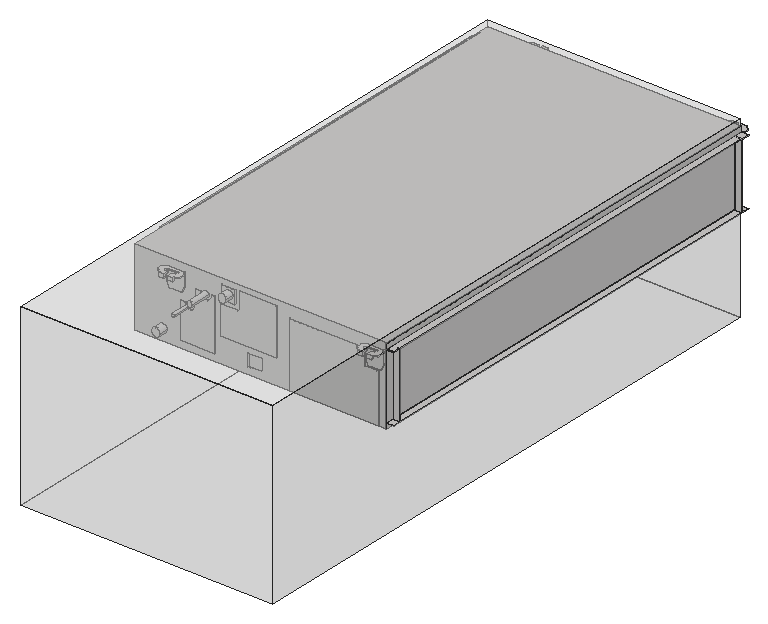
Revit family "outputfile", category 機械設備, Revit 2024
Family settings
  丸型コネクタ寸法 = 半径を使用
  パーツ タイプ = 標準
  OmniClass 番号 = 23.75.10.24.21.27.27
  OmniClass タイトル = Split System Air Conditioning Units
  作業面ベース = いいえ
  常に垂直 = はい
  ロード時にボイドで切り取り = いいえ
  注釈の向きを維持 = いいえ
  共有 = いいえ
  部屋計算ポイント = はい
Parameters (values of type "FBQ100EVE")
  Description = ""
  製造元 = "Daikin"
  書き出し IFC クラス(タイプ) = "IfcUnitaryEquipmentType"
  定義済み IFC タイプ(タイプ) = "AIRCONDITIONINGUNIT"
  Cost = 0
  モデル = "FBQ100EVE"
  Type Comments = ""
  Keynote = ""
  Type Image = (empty or 0)
  Assembly Code = ""
  switch_frequency = yes
  r_Liquid Pipe Size = Liquid Pipe Size / 2  # 4.75 mm
  r_Gas Pipe Size = Gas Pipe Size / 2  # 7.95 mm
  r_Drain Pipe Size = Drain Pipe Size / 2  # 12.5 mm
  lw_power = 770.0 mm  # constant formula
  lh_SA = 138.0 mm  # constant formula
  lw_SA = if(Depth = 550.0 mm, 225.0 mm, if(Depth = 700.0 mm, 300.0 mm, if(Depth = 1000.0 mm, 450.0 mm, if(Depth = 1400.0 mm, 650.0 mm, 725.0 mm))))  # 650.0 mm
  lw_RA = if(Depth = 550.0 mm, 275.0 mm, if(Depth = 700.0 mm, 349.0 mm, if(Depth = 1000.0 mm, 499.0 mm, if(Depth = 1400.0 mm, 699.0 mm, 775.0 mm))))  # 699.0 mm
  lh_power = 60.0 mm + [h***]  # 60.0 mm
  lh_mountinghole1 = lh_mountinghole + [h***]  # 222.0 mm
  lh_RA = 123.0 mm  # constant formula
  ld_power = Depth / 2  # 700.0 mm
  connector_voltage = Voltage_50Hz  # 230 V
  connector_powerinput = [Power Input (Cooling)]  # 2.820 kW
  connector_phase = Phase_50Hz  # 1
  Voltage_comment_60Hz = "220"
  Voltage_comment_50Hz = "220 - 240"
  Voltage_60Hz = 220 V
  Voltage_50Hz = 230 V
  URL = ""
  Supply Air Direction [instance] = yes
  Sound Power Level_H speed (dB) = 0
  Phase_60Hz = 1
  Phase_50Hz = 1
  Minimum External Static Pressure = 0.00 Pa
  Minimum Circuit Amps_60Hz = 0.0 A
  Minimum Circuit Amps_50Hz = 0.0 A
  Maximum Fuse Amps_60Hz = 0.0 A
  Maximum Fuse Amps_50Hz = 0.0 A
  Maximum External Static Pressure = 0.00 Pa
  Material_Casing = DAIKIN_GalvanizedSteel_Casing_indoorunit
  lw_mountinghole = 630.0 mm  # constant formula
  lh_gaspipe = 183.0 mm + [h***]  # 183.0 mm
  lh_mountinghole = 222.0 mm  # constant formula
  lh_liquidpipe = 136.0 mm + [h***]  # 136.0 mm
  lh_drainpipe = 207.0 mm + [h***]  # 207.0 mm
  lh_antena = Height - lh_mountinghole + 1.0 mm  # 24.0 mm
  ld_drainpipe = Depth / 2 + 26.0 mm  # 726.0 mm
  ld_liquidpipe = Depth / 2 + 69.0 mm  # 769.0 mm
  ld_gaspipe = Depth / 2 + 65.0 mm  # 765.0 mm
  ld_mountinghole = Depth + 38.0 mm  # 1438.0 mm
  h*** = 0.0 mm  # constant formula
  lw_liquidpipe = 179.0 mm  # constant formula
  lw_gaspipe = 229.0 mm  # constant formula
  lw_drainpipe = 300.0 mm  # constant formula
  Width = 800.0 mm
  Version = "ver.1.0"
  Unit Type = "Duct"
  Unit Mass Weight = 47.00 kg
  Unit Designation [instance] = ""
  Uniclass2015Version = "Products v1.30"
  Uniclass2015Title = "Split coil room air conditioning units"
  Uniclass2015Code = "Pr_70_65_03_86"
  Total Cooling Capacity [instance] = 0.000 kW
  Sound Pressure Level_M speed (dBA) = 35.5
  Sound Pressure Level_L speed (dBA) = 33
  Sound Pressure Level_H speed (dBA) = 38
  Series = "SkyAir_Fan Coil Unit"
  Sensible Cooling Capacity [instance] = 0.000 kW
  SA Duct Size Width = 1192.0 mm
  SA Duct Size Height = 176.0 mm
  Refrigerant Type = "R410A"
  RA Duct Size Width = 1352.0 mm
  RA Duct Size Height = 208.0 mm
  Power Input (Cooling) = 2.820 kW
  Option Accessory 3 [instance] = ""
  Option Accessory 2 [instance] = ""
  Option Accessory 1 [instance] = ""
  Nominal Cooling Capacity = 10.000 kW
  Minimum Airflow = 1350.00 m³/h
  Median Airflow = 1620.00 m³/h
  Maximum Airflow = 1920.00 m³/h
  Load Classification = HVAC
  Liquid Pipe Size = 9.5 mm
  Link_Nested Family [instance] = ""
  IfcVersion = ""
  IfcExportType = "AIRCONDITIONINGUNIT"
  IfcExportAs = "IfcUnitaryEquipmentType"
  Height = 245.0 mm
  Heat Exchanger Type = "Cross Fin Coil"
  Gas Pipe Size = 15.9 mm
  Frequency_60Hz = 60 Hz
  Frequency_50Hz = 50 Hz
  Fan Type = "Sirocco Fan"
  Fan Drive = "-"
  FCU Tag No. [instance] = ""
  Drain Pipe Size = 25.0 mm
  Design Supply Airflow [instance] = 0.00 m³/h
  Design Return Airflow [instance] = 0.00 m³/h
  Design External Static Pressure [instance] = 0.00 Pa
  Depth = 1400.0 mm
  既定の高さ = 0.0 mm
  Cooling Entering Wet Bulb Temperature [instance] = 0.00 °C
  Cooling Entering Dry Bulb Temperature [instance] = 0.00 °C
  Cooling Ambient Wet Bulb Temperature [instance] = 0.00 °C
  Cooling Ambient Dry Bulb Temperature [instance] = 0.00 °C
  Clearance visibility [instance] = yes
  Clearance Top = 20.0 mm
  Clearance Right = 0.0 mm
  Clearance Rear = 0.0 mm
  Clearance Left = 0.0 mm
  Clearance Front = 450.0 mm
  Clearance Bottom = 300.0 mm
Reference planes
  plane 1 "Center (Front/Back)": y = 0
  plane 2 "h": z = 0
  plane 3 "Center (Left/Right)": x = 0
  plane 4 "Back": y = 700
  plane 5 "Front": y = -700
  plane 6 "Left": x = -400
  plane 7 "Right": x = 400
  plane 8 "Top": z = 0
  plane 9 "Bottom": z = -245
  plane 10: y = -215
  plane 11: y = 700
  plane 12: y = -1150
  plane 13: x = -400
  plane 14: x = 400
  plane 15: z = 20
  plane 16: z = -545
  plane 17: x = -400
  plane 18: x = -399
  plane 19: x = 399
  plane 20: y = 50
  plane 21: y = -1
  plane 22: z = -122
  plane 23: y = -701
  plane 24: z = -109
  plane 25: x = -221
  plane 26: y = -765
  plane 27: z = -62
  plane 28: x = -171
  plane 29: y = -726
  plane 30: z = -38
  plane 31: x = -100
  plane 32: x = -100
  plane 33: x = -221
  plane 34: x = -171
  plane 35: x = 370
  plane 36: x = -266
  plane 37: x = 364
  plane 38: y = -719
  plane 39: y = 719
  plane 40: z = -23
  plane 41: z = -107
  plane 42: y = -769
  plane 43: z = -207
  plane 44: x = -309
  plane 45: y = -726
  plane 46: x = -251
  plane 47: x = -203
  plane 48: x = -144
  plane 49: z = -59
  plane 50: z = -106
  plane 51: z = -221
  plane 52: z = -109
  plane 53: x = -221
  plane 54: z = -62
  plane 55: x = -171
  plane 56: z = -17
  plane 57: z = -59
  plane 58: x = -121
  plane 59: x = -79
  plane 60: x = -125
  plane 61: x = -64
  plane 62: x = 53
  plane 63: z = -164
  plane 64: z = -73
  plane 65: z = -16
  plane 66: x = 93.5
  plane 67: x = 374.5
  plane 68: x = 330
  plane 69: z = -88.5
  plane 70: z = -38
  plane 71: z = -242.5
  plane 72: x = -38.5
  plane 73: x = 6.5
  plane 74: z = -181
  plane 75: z = -221
  plane 76: y = -699
  plane 77: x = -424
  plane 78: x = 424
Forms (mm)
  Extrusion 1, solid, material "DAIKIN_GalvanizedSteel_Casing_indoorunit" <- "Material_Casing"
    sketch origin (0, 0, 0) x (1, 0, 0) y (0, 1, 0)
      loop
        line (-399, 700) -> (-399, -700) -> (399, -700) -> (399, 700) -> (-399, 700)
    from -245 to 0
  Extrusion 2, solid, material "DAIKIN_GalvanizedSteel_Casing_indoorunit" <- "Material_Casing"
    sketch origin (0, 0, 0) x (1, 0, 0) y (0, 0, 1)
      loop
        line (-251, -221) -> (-144, -221) -> (-144, -59) -> (-154.47, -59)
        arc (-154.47, -59) -> (-171, -78.8) -> (-187.53, -59) r 16.8
        line (-187.53, -59) -> (-203, -59) -> (-203, -106) -> (-206.916, -106)
        arc (-206.916, -106) -> (-221, -123.4) -> (-235.084, -106) r 14.4
        line (-235.084, -106) -> (-251, -106) -> (-251, -221)
    from 700 to 701
  Extrusion 3, solid, material "DAIKIN_GalvanizedSteel_Casing_indoorunit" <- "Material_Casing"
    sketch origin (0, 0, 0) x (1, 0, 0) y (0, 0, 1)
      loop
        line (-121, -17) -> (-121, -59) -> (-79, -59) -> (-79, -17) -> (-121, -17)
      loop
        line (-125, -73) -> (-125, -164) -> (53, -164) -> (53, -16) -> (-64, -16) -> (-64, -73) -> (-125, -73)
    from 700 to 701
  Extrusion 4, solid, material "DAIKIN_GalvanizedSteel_Casing_indoorunit" <- "Material_Casing"
    sketch origin (0, 0, 0) x (1, 0, 0) y (0, 0, 1)
      loop
        line (93.5, -38) -> (93.5, -242.5) -> (374.5, -242.5) -> (374.5, -88.5) -> (330, -88.5) -> (330, -38) -> (93.5, -38)
    from 700 to 701
  Extrusion 5, solid, material "DAIKIN_GalvanizedSteel_Casing_indoorunit" <- "Material_Casing"
    sketch origin (0, 0, 0) x (1, 0, 0) y (0, 0, 1)
      loop
        circle (-221, -109) r 4.75
    from 700 to 769
  Extrusion 6, solid, material "DAIKIN_GalvanizedSteel_Casing_indoorunit" <- "Material_Casing"
    sketch origin (0, 0, 0) x (1, 0, 0) y (0, 0, 1)
      loop
        circle (-171, -62) r 7.95
    from 700 to 765
  Extrusion 7, solid, material "DAIKIN_GalvanizedSteel_Casing_indoorunit" <- "Material_Casing"
    sketch origin (0, 0, 0) x (1, 0, 0) y (0, 0, 1)
      loop
        circle (-100, -38) r 12.5
    from 701 to 726
  Extrusion 8, solid, material "DAIKIN_GalvanizedSteel_Casing_indoorunit" <- "Material_Casing"
    sketch origin (0, 0, 0) x (1, 0, 0) y (0, 0, 1)
      loop
        circle (-309, -207) r 13
    from 700 to 726
  Extrusion 9, void
    sketch origin (0, 0, 0) x (1, 0, 0) y (0, 0, 1)
      loop
        line (-38.5, -181) -> (-38.5, -221) -> (6.5, -221) -> (6.5, -181) -> (-38.5, -181)
    from 699 to 700
Cuts and joins
  Extrusion 9 cuts Extrusion 1
Dimensions and locks
  "Height": plane 8 "Top" to plane 9 "Bottom"
  equal spacing: plane 4 "Back", plane 1 "Center (Front/Back)", plane 5 "Front"
  "Depth": plane 4 "Back" to plane 5 "Front"
  equal spacing: plane 6 "Left", plane 3 "Center (Left/Right)", plane 7 "Right"
  "Width": plane 6 "Left" to plane 7 "Right"
  "Clearance Left": plane 13 to plane 6 "Left"
  "Clearance Right": plane 7 "Right" to plane 14
  "Clearance Rear": plane 11 to plane 4 "Back"
  "Clearance Front": plane 5 "Front" to plane 12
  "Clearance Top": plane 15 to plane 8 "Top"
  "Clearance Bottom": plane 9 "Bottom" to plane 16
  locked: plane 17 to plane 18 at 1
  locked: plane 19 to plane 14 at 1
  "lw_RA": plane 21 to plane 5 "Front"
  "lh_RA": plane 22 to plane 9 "Bottom"
  locked: plane 5 "Front" to plane 23 at 1
  "lw_liquidpipe": plane 25 to plane 6 "Left"
  "lh_liquidpipe": plane 24 to plane 9 "Bottom"
  "lh_gaspipe": plane 27 to plane 9 "Bottom"
  "lw_gaspipe": plane 28 to plane 6 "Left"
  "ld_gaspipe": plane 26 to plane 1 "Center (Front/Back)"
  "ld_drainpipe": plane 29 to plane 1 "Center (Front/Back)"
  "lh_drainpipe": plane 30 to plane 9 "Bottom"
  "lw_drainpipe": plane 31 to plane 6 "Left"
  "lw_drainpipe": plane 6 "Left" to plane 32
  "lw_liquidpipe": plane 6 "Left" to plane 33
  "lw_gaspipe": plane 6 "Left" to plane 34
  "lw_power": plane 6 "Left" to plane 35
  locked: plane 17 to plane 36 at 134
  "lw_mountinghole": plane 36 to plane 37
  equal spacing: plane 38, plane 1 "Center (Front/Back)", plane 39
  "ld_mountinghole": plane 39 to plane 38
  "lh_mountinghole": plane 40 to plane 9 "Bottom"
  "lh_SA": plane 41 to plane 9 "Bottom"
  locked: plane 44 to plane 6 "Left" at 91
  locked: plane 43 to plane 9 "Bottom" at 38
  locked: plane 5 "Front" to plane 45 at 26
  plane 48 to plane 47 to plane 46 to plane 6 "Left" = 59.0 mm, 48.0 mm, 149.0 mm
  plane 8 "Top" to plane 49 to plane 50 to plane 51 = 59.0 mm locked, 47.0 mm locked, 115.0 mm locked
  plane 55 to plane 53 to plane 6 "Left" = 50.0 mm locked, 179.0 mm locked
  plane 54 to plane 52 to plane 9 "Bottom" = 47.0 mm locked, 136.0 mm locked
  plane 59 to plane 58 to plane 6 "Left" = 42.0 mm locked, 279.0 mm locked
  plane 8 "Top" to plane 56 to plane 57 = 17.0 mm locked, 42.0 mm locked
  plane 62 to plane 61 to plane 60 to plane 6 "Left" = 117.0 mm, 61.0 mm, 275.0 mm
  plane 8 "Top" to plane 65 to plane 64 = 16.0 mm locked, 57.0 mm locked
  locked: plane 65 to plane 63 at 148
  plane 8 "Top" to plane 70 to plane 69 to plane 71 = 38.0 mm locked, 50.5 mm locked, 154.0 mm locked
  plane 67 to plane 68 to plane 66 to plane 6 "Left" = 44.5 mm locked, 236.5 mm locked, 493.5 mm locked
  plane 8 "Top" to plane 74 to plane 75 = 181.0 mm locked, 40.0 mm locked
  plane 73 to plane 72 to plane 6 "Left" = 45.0 mm, 361.5 mm
  locked: plane 76 to plane 5 "Front" at 1
  locked: plane 77 to plane 17 at 24
  locked: plane 14 to plane 78 at 24
  "ld_liquidpipe": plane 42 to plane 1 "Center (Front/Back)"
  "lw_SA": plane 4 "Back" to plane 20
  "r_Liquid Pipe Size": radius of Extrusion 5 sketch curve
  "r_Gas Pipe Size": radius of Extrusion 6 sketch curve
  "r_Drain Pipe Size": radius of Extrusion 7 sketch curve
  aligned and locked: level to plane 2 "h"
  aligned and locked: plane 8 "Top" to Extrusion 1
  aligned and locked: Extrusion 1 to plane 9 "Bottom"
  aligned and locked: nested 5 to plane 12
  aligned and locked: plane 13 to nested 5
  aligned and locked: plane 14 to nested 5
  aligned and locked: nested 5 to plane 13
  aligned and locked: plane 11 to nested 5
  aligned and locked: plane 15 to nested 5
  aligned and locked: plane 16 to nested 5
  aligned and locked: plane 5 "Front" to Extrusion 1 sketch curve
  aligned and locked: Extrusion 1 to plane 18
  aligned and locked: plane 19 to Extrusion 1
  aligned and locked: nested 7 to plane 18
  aligned and locked: nested 7 to plane 20
  aligned and locked: plane 19 to nested 8
  aligned and locked: plane 21 to nested 8
  aligned and locked: plane 22 to nested 8
  aligned and locked: Extrusion 2 to plane 23
  aligned and locked: plane 5 "Front" to Extrusion 2
  aligned and locked: Extrusion 3 to plane 23
  aligned and locked: plane 5 "Front" to Extrusion 3
  aligned and locked: plane 5 "Front" to Extrusion 4
  aligned and locked: Extrusion 5 sketch curve to plane 25
  aligned and locked: plane 24 to Extrusion 5 sketch curve
  aligned and locked: plane 5 "Front" to Extrusion 5
  aligned and locked: Extrusion 6 sketch curve to plane 28
  aligned and locked: plane 27 to Extrusion 6 sketch curve
  aligned and locked: plane 5 "Front" to Extrusion 6
  aligned and locked: Extrusion 7 sketch curve to plane 31
  aligned and locked: Extrusion 7 sketch curve to plane 30
  aligned and locked: Extrusion 7 to plane 29
  aligned and locked: plane 23 to Extrusion 7
  aligned and locked: nested 3 to plane 29
  aligned and locked: nested 3 to plane 32
  aligned and locked: nested 2 to plane 33
  aligned and locked: nested 1 to plane 34
  aligned and locked: Extrusion 6 to plane 26
  aligned and locked: nested 1 to plane 26
  aligned and locked: nested 6 to plane 5 "Front"
  aligned and locked: nested 6 to plane 35
  aligned and locked: plane 36 to nested 10
  aligned and locked: nested 10 to plane 5 "Front"
  aligned and locked: plane 37 to nested 9
  aligned and locked: nested 9 to plane 5 "Front"
  aligned and locked: nested 11 to plane 36
  aligned and locked: plane 4 "Back" to nested 11
  aligned and locked: nested 12 to plane 37
  aligned and locked: plane 4 "Back" to nested 12
  aligned and locked: plane 40 to nested 10
  aligned and locked: plane 40 to nested 11
  aligned and locked: plane 40 to nested 9
  aligned and locked: plane 40 to nested 12
  aligned and locked: plane 36 to nested 14
  aligned and locked: nested 14 to plane 39
  aligned and locked: plane 37 to nested 13
  aligned and locked: nested 13 to plane 39
  aligned and locked: plane 37 to nested 16
  aligned and locked: plane 38 to nested 16
  aligned and locked: plane 38 to nested 15
  aligned and locked: plane 36 to nested 15
  aligned and locked: plane 17 to plane 6 "Left"
  aligned and locked: plane 41 to nested 7
  aligned and locked: Extrusion 5 to plane 42
  aligned and locked: nested 2 to plane 42
  aligned and locked: Extrusion 8 sketch curve to plane 44
  aligned and locked: plane 43 to Extrusion 8 sketch curve
  aligned and locked: plane 5 "Front" to Extrusion 8
  aligned and locked: plane 45 to Extrusion 8
  aligned and locked: Extrusion 3 sketch curve to plane 56
  aligned and locked: Extrusion 3 sketch curve to plane 58
  aligned and locked: plane 57 to Extrusion 3 sketch curve
  aligned and locked: plane 59 to Extrusion 3 sketch curve
  aligned and locked: Extrusion 4 to plane 23
  aligned and locked: Extrusion 9 sketch curve to plane 74
  aligned and locked: plane 75 to Extrusion 9 sketch curve
  aligned and locked: plane 73 to Extrusion 9 sketch curve
  aligned and locked: plane 5 "Front" to Extrusion 9
  aligned and locked: plane 76 to Extrusion 9
  aligned and locked: nested 17 to plane 20
  aligned and locked: nested 17 to plane 77
  aligned and locked: plane 21 to nested 18
  aligned and locked: plane 78 to nested 18
  aligned and locked: plane 41 to nested 17
  aligned and locked: nested 18 to plane 22
  aligned and locked: nested 4 to plane 3 "Center (Left/Right)"
  aligned and locked: plane 1 "Center (Front/Back)" to nested 4
  aligned and locked: level to plane 8 "Top"
Automatic sketch dimensions
  plane 6 "Left" to Extrusion 1 sketch curve = 1.0 mm
  Extrusion 1 sketch curve to plane 7 "Right" = 1.0 mm
  Extrusion 1 sketch curve to plane 4 "Back" = 0.0 mm
  Extrusion 2 sketch curve to plane 46 = 0.0 mm
  Extrusion 2 sketch curve to plane 33 = 0.0 mm
  Extrusion 2 sketch curve to plane 47 = 0.0 mm
  Extrusion 2 sketch curve to plane 34 = 0.0 mm
  Extrusion 2 sketch curve to plane 48 = 0.0 mm
  Extrusion 2 sketch curve to plane 51 = 0.0 mm
  Extrusion 2 sketch curve to plane 52 = 0.0 mm
  Extrusion 2 sketch curve to plane 50 = 0.0 mm  (x3)
  Extrusion 2 sketch curve to plane 54 = 0.0 mm
  Extrusion 2 sketch curve to plane 49 = 0.0 mm  (x3)
  plane 33 to Extrusion 2 sketch curve = 14.084 mm
  plane 34 to Extrusion 2 sketch curve = 16.53 mm
  Extrusion 3 sketch curve to plane 60 = 0.0 mm
  Extrusion 3 sketch curve to plane 61 = 0.0 mm
  Extrusion 3 sketch curve to plane 62 = 0.0 mm
  Extrusion 3 sketch curve to plane 63 = 0.0 mm
  Extrusion 3 sketch curve to plane 64 = 0.0 mm
  Extrusion 3 sketch curve to plane 65 = 0.0 mm
  Extrusion 4 sketch curve to plane 66 = 0.0 mm
  Extrusion 4 sketch curve to plane 68 = 0.0 mm
  Extrusion 4 sketch curve to plane 67 = 0.0 mm
  Extrusion 4 sketch curve to plane 71 = 0.0 mm
  Extrusion 4 sketch curve to plane 69 = 0.0 mm
  Extrusion 4 sketch curve to plane 70 = 0.0 mm
  Extrusion 9 sketch curve to plane 72 = 0.0 mm
  radius of Extrusion 8 sketch curve = 13.0 mm
Nested families
  nested 1: "daikin_connector_rotate2" at (-171, 0, -62), length <- "ld_gaspipe", built-in parameter 1001364 <- "lh_gaspipe", radius <- "r_Gas Pipe Size", type "daikin_connector_rotate2"
    with radius 7.95 mm, length 765.0 mm, angle_vertical 90.00°
  nested 2: "daikin_connector_rotate2" at (-221, 0, -109), length <- "ld_liquidpipe", built-in parameter 1001364 <- "lh_liquidpipe", radius <- "r_Liquid Pipe Size", type "daikin_connector_rotate2"
    with radius 4.75 mm, length 769.0 mm, angle_vertical 90.00°
  nested 3: "daikin_connector_rotate2" at (-100, 0, -38), length <- "ld_drainpipe", built-in parameter 1001364 <- "lh_drainpipe", radius <- "r_Drain Pipe Size", type "daikin_connector_rotate2"
    with radius 12.5 mm, length 726.0 mm, angle_vertical 90.00°
  nested 4: "daikin_△_symbolicline" at (0, 0, 245) x (0, -1, 0) z (0, 0, 1), built-in parameter 1001364 <- "Height", visible <- "Supply Air Direction", type "daikin_△_symbolicline"
    with length 200.0 mm
  nested 5: "daikin_clearancespace" at (0, -225, -262.381), visible <- "Clearance visibility", show <- "Clearance visibility", Link_Nested Family <- "Link_Nested Family", type "daikin_clearancespace"
    with width 800.0 mm, show yes, height 565.0 mm, depth 1850.0 mm, Link_Nested Family ""
  nested 6: "daikin_connector_rotate2" at (370, 0, -185), built-in parameter 1001364 <- "lh_power", length <- "ld_power", type "daikin_connector_rotate2"
    with radius 10.0 mm, length 700.0 mm, angle_vertical 90.00°
  nested 7: "daikin_ductflange_FBQ-EVE2" at (-399, 50, -107) x (0, -1, 0) z (0, 0, 1), type "daikin_ductflange_FBQ-EVE2"
  nested 8: "daikin_ductflange_FBQ-EVE" at (399, -1, -122) x (0, 1, 0) z (0, 0, 1), type "daikin_ductflange_FBQ-EVE"
    with width 1352.0 mm, lw 25.0 mm, w 1400.0 mm
  nested 9: "daikin_hangerfixture_FBQ-EVE" at (364, -700, -23), type "daikin_hangerfixture_FBQ-EVE"
  nested 10: "daikin_hangerfixture_FBQ-EVE" at (-266, -700, -23), type "daikin_hangerfixture_FBQ-EVE"
  nested 11: "daikin_hangerfixture_FBQ-EVE" at (-266, 700, -23) x (-1, 0, 0) z (0, 0, 1), type "daikin_hangerfixture_FBQ-EVE"
  nested 12: "daikin_hangerfixture_FBQ-EVE" at (364, 700, -23) x (-1, 0, 0) z (0, 0, 1), type "daikin_hangerfixture_FBQ-EVE"
  nested 13: "daikin_mountinghole" at (364, 719, -245), h_mountinghole <- "lh_mountinghole1", l_antenna <- "lh_antena", Link_Nested Family <- "Link_Nested Family", type "daikin_mountinghole"
    with show yes, l_antenna 24.0 mm, h_mountinghole 222.0 mm, Link_Nested Family ""
  nested 14: "daikin_mountinghole" at (-266, 719, -245), h_mountinghole <- "lh_mountinghole1", l_antenna <- "lh_antena", Link_Nested Family <- "Link_Nested Family", type "daikin_mountinghole"
    with show yes, l_antenna 24.0 mm, h_mountinghole 222.0 mm, Link_Nested Family ""
  nested 15: "daikin_mountinghole" at (-266, -719, -245), h_mountinghole <- "lh_mountinghole1", l_antenna <- "lh_antena", Link_Nested Family <- "Link_Nested Family", type "daikin_mountinghole"
    with show yes, l_antenna 24.0 mm, h_mountinghole 222.0 mm, Link_Nested Family ""
  nested 16: "daikin_mountinghole" at (364, -719, -245), h_mountinghole <- "lh_mountinghole1", l_antenna <- "lh_antena", Link_Nested Family <- "Link_Nested Family", type "daikin_mountinghole"
    with show yes, l_antenna 24.0 mm, h_mountinghole 222.0 mm, Link_Nested Family ""
  nested 17: "daikin_connector_rotate2" at (-400, 50, -107) x (0, -1, 0) z (0, 0, 1), type "daikin_connector_rotate2"
    with radius 10.0 mm, length 24.0 mm, angle_vertical 90.00°
  nested 18: "daikin_connector_rotate2" at (400, -1, -122) x (0, 1, 0) z (0, 0, 1), type "daikin_connector_rotate2"
    with radius 10.0 mm, length 24.0 mm, angle_vertical 90.00°
Connectors
  piping at (-100, -726, -38), diameter 25, driven by "r_Drain Pipe Size"
    settings: on nested 3, index 3, connector inside diameter 609.6 mm, connector length 0.0 mm, flow factor 0, pipe flow 0.00 m³/h, pressure drop 0.0 Pa, fitting loss kfactor 0, connector angle 0.00°, fixture units 0, engagement length 0.0 mm, angle of deflection 0.00°, flow configuration 1, flow direction 2, fitting loss method 4, system type 16, joint type 0, gender type 0, connector reference index -1, connector utility 0, adjustable connector no, is connector primary yes, connector description "Condensate Drain Piping"
  piping at (-171, -765, -62), diameter 15.9, driven by "r_Gas Pipe Size"
    settings: on nested 1, index 4, connector inside diameter 609.6 mm, connector length 0.0 mm, flow factor 0, pipe flow 0.00 m³/h, pressure drop 0.0 Pa, fitting loss kfactor 0, connector angle 0.00°, fixture units 0, engagement length 0.0 mm, angle of deflection 0.00°, flow configuration 1, flow direction 2, fitting loss method 0, system type 29, joint type 0, gender type 0, connector reference index -1, connector utility 0, adjustable connector no, is connector primary no, connector description "Refrigerant Gas Piping"
  piping at (-221, -769, -109), diameter 9.5, driven by "r_Liquid Pipe Size"
    settings: on nested 2, index 5, connector inside diameter 609.6 mm, connector length 0.0 mm, flow factor 0, pipe flow 0.00 m³/h, pressure drop 0.0 Pa, fitting loss kfactor 0, connector angle 0.00°, fixture units 0, engagement length 0.0 mm, angle of deflection 0.00°, flow configuration 1, flow direction 1, fitting loss method 0, system type 29, joint type 0, gender type 0, connector reference index -1, connector utility 0, adjustable connector no, is connector primary no, connector description "Refrigerant Liquid Piping"
  electrical at (370, -700, -185), driven by "Load Classification", driven by "connector_powerinput", driven by "connector_voltage", driven by "connector_phase"
    settings: on nested 6, index 6, voltage 230 V, apparent load 2820 VA, apparent load phase1 0 VA, apparent load phase2 0 VA, apparent load phase3 0 VA, power factor 1, load classification "HVAC", number of poles 1, system type 30, power factor state 1, is connector primary yes, connector utility no, sub classification motor no, connector description "Power Supply"
  hvac at (-424, 50, -107), driven by "SA Duct Size Height", driven by "SA Duct Size Width"
    settings: on nested 17, index 7, duct flow 0.00 m³/h, flow factor 0, pres drop 0.00 Pa, loss coef 0, conn angle 0.00°, conn width 1192.0 mm, conn height 176.0 mm, conn diameter 609.6 mm, duct sys type 1, conn prof type 1, flow config 0, flow direction 2, loss method 4, conn ref index -1, conn util no, is conn primary yes, conn desc "SA Duct"
  hvac at (424, -1, -122), driven by "RA Duct Size Height", driven by "RA Duct Size Width"
    settings: on nested 18, index 8, duct flow 0.00 m³/h, flow factor 0, pres drop 0.00 Pa, loss coef 0, conn angle 0.00°, conn width 1352.0 mm, conn height 208.0 mm, conn diameter 609.6 mm, duct sys type 2, conn prof type 1, flow config 0, flow direction 1, loss method 4, conn ref index -1, conn util no, is conn primary no, conn desc "RA Duct"
Definition of nested family "daikin_clearancespace"
  Parameters (values of type "daikin_clearancespace")
    Description = "daikin_clearancespace"
    width [instance] = 1823.963 mm
    show [instance] = yes
    material = none
    height [instance] = 1359.762 mm
    depth [instance] = 880.0 mm
    Default Elevation = 0.0 mm
    Link_Nested Family [instance] = ""
  Reference planes
    plane 1 "Center (Front/Back)": y = 0
    plane 2 "Center (Elevation)": z = -0.119
    plane 3 "Center (Left/Right)": x = 0
    plane 4: y = 440
    plane 5: y = -440
    plane 6 "Right": x = 911.982
    plane 7 "Left": x = -911.982
    plane 8 "Top": z = 679.762
    plane 9 "Bottom": z = -680
  Forms (mm)
    Extrusion 1, solid, material <- "material", visible <- "show"
      sketch origin (0, 0, 0) x (1, 0, 0) y (0, 1, 0)
        loop
          line (-911.982, 440) -> (-911.982, -440) -> (911.982, -440) -> (911.982, 440) -> (-911.982, 440)
      from -680 to 679.762
  Lines and regions (mm)
    symbolic lines, visible <- "show"
      curve 1: line (911.982, 440, 0) -> (-911.982, 440, 0)
      curve 2: line (-911.982, 440, 0) -> (-911.982, -440, 0)
      curve 3: line (-911.982, -440, 0) -> (911.982, -440, 0)
      curve 4: line (911.982, -440, 0) -> (911.982, 440, 0)
      curve 5: line (911.982, 0, 679.762) -> (-911.982, 0, 679.762)
      curve 6: line (911.982, 0, -680) -> (911.982, 0, 679.762)
      curve 7: line (-911.982, 0, -680) -> (911.982, 0, -680)
      curve 8: line (-911.982, 0, 679.762) -> (-911.982, 0, -680)
      curve 9: line (0, 440, 679.762) -> (0, -440, 679.762)
      curve 10: line (0, -440, 679.762) -> (0, -440, -680)
      curve 11: line (0, 440, -680) -> (0, 440, 679.762)
      curve 12: line (0, -440, -680) -> (0, 440, -680)
  Dimensions and locks
    "width": plane 7 "Left" to plane 6 "Right"
    "depth": plane 4 to plane 5
    "height": plane 8 "Top" to plane 9 "Bottom"
    equal spacing: plane 7 "Left", plane 3 "Center (Left/Right)", plane 6 "Right"
    equal spacing: plane 4, plane 1 "Center (Front/Back)", plane 5
    equal spacing: plane 8 "Top", plane 2 "Center (Elevation)", plane 9 "Bottom"
    aligned and locked: level to plane 2 "Center (Elevation)"
    aligned and locked: Extrusion 1 sketch curve to plane 4
    aligned and locked: plane 7 "Left" to Extrusion 1 sketch curve
    aligned and locked: Extrusion 1 sketch curve to plane 5
    aligned and locked: Extrusion 1 sketch curve to plane 6 "Right"
    aligned and locked: plane 8 "Top" to Extrusion 1
    aligned and locked: curve 1 to Extrusion 1
    aligned and locked: curve 2 to Extrusion 1
    aligned and locked: curve 3 to Extrusion 1
    aligned and locked: curve 4 to Extrusion 1
    aligned and locked: curve 5 to Extrusion 1
    aligned and locked: curve 6 to Extrusion 1
    aligned and locked: curve 7 to Extrusion 1
    aligned and locked: curve 8 to Extrusion 1
    aligned and locked: curve 9 to Extrusion 1
    aligned and locked: curve 10 to Extrusion 1
    aligned and locked: curve 11 to Extrusion 1
    aligned and locked: curve 12 to Extrusion 1
    aligned and locked: Extrusion 1 to plane 9 "Bottom"
Definition of nested family "daikin_ductflange_FBQ-EVE2"
  Parameters (values of type "daikin_ductflange_FBFC-DVMG2")
    width = if(w = 550.0 mm, 337.0 mm, if(w = 700.0 mm, 492.0 mm, if(w = 1000.0 mm, 792.0 mm, if(w = 1400.0 mm, 1192.0 mm, 1337.0 mm))))  # 1192.0 mm
    material = none
    height = 215.0 mm
    depth = 1.0 mm
    w = 1400.0 mm
    Default Elevation = 0.0 mm
  Reference planes
    plane 1 "Center (Front/Back)": y = 0
    plane 2: z = 0
    plane 3 "Center (Left/Right)": x = 0
    plane 4: z = 88
    plane 5: z = -88
    plane 6: y = -25
    plane 7: z = 106
    plane 8: z = 89
    plane 9: y = -1
    plane 10: x = -617.5
    plane 11: x = 617.5
    plane 12: z = -106
    plane 13: z = -89
    plane 14: y = -1
    plane 15: x = 596
    plane 16: x = -596
    plane 17: x = 597
    plane 18: z = 87
    plane 19: z = -87
    plane 20: x = -597
    plane 21: z = 87
    plane 22: z = -87
    plane 23: y = -1
  Forms (mm)
    Extrusion 1, solid, material <- "material"
      sketch origin (0, 0, 0) x (0, 1, 0) y (0, 0, 1)
        loop
          line (-25, 88) -> (0, 88) -> (0, 106) -> (-1, 106) -> (-1, 89) -> (-25, 89) -> (-25, 88)
      from -617.5 to 617.5
    Extrusion 2, solid, material <- "material"
      sketch origin (0, 0, 0) x (0, 1, 0) y (0, 0, 1)
        loop
          line (-25, -88) -> (-25, -89) -> (-1, -89) -> (-1, -106) -> (0, -106) -> (0, -88) -> (-25, -88)
      from -617.5 to 617.5
    Extrusion 3, solid, material <- "material"
      sketch origin (0, 0, 0) x (1, 0, 0) y (0, 0, 1)
        loop
          line (596, 88) -> (596, -88) -> (617.5, -88) -> (617.5, -87) -> (597, -87) -> (597, 87) -> (617.5, 87) -> (617.5, 88) -> (596, 88)
      from 0 to 25
    Extrusion 4, solid, material <- "material"
      sketch origin (0, 0, 0) x (1, 0, 0) y (0, 0, 1)
        loop
          line (-617.5, 88) -> (-617.5, 87) -> (-597, 87) -> (-597, -87) -> (-617.5, -87) -> (-617.5, -88) -> (-596, -88) -> (-596, 88) -> (-617.5, 88)
      from 0 to 25
    Extrusion 5, solid, material <- "material"
      sketch origin (0, 0, 0) x (1, 0, 0) y (0, 0, 1)
        loop
          line (-617.5, 88) -> (-617.5, -88) -> (-596, -88) -> (-596, 88) -> (-617.5, 88)
        loop
          line (617.5, 88) -> (596, 88) -> (596, -88) -> (617.5, -88) -> (617.5, 88)
      from 0 to 1
  Cuts and joins
    joined: Extrusion 1, Extrusion 2, Extrusion 3, Extrusion 4, Extrusion 5
  Dimensions and locks
    plane 4 to level to plane 5 = 88.0 mm, 88.0 mm
    locked: plane 6 to plane 1 "Center (Front/Back)" at 25
    locked: plane 9 to plane 1 "Center (Front/Back)" at 1
    locked: plane 8 to plane 4 at 1
    locked: plane 16 to plane 10 at 21.5
    locked: plane 17 to plane 15 at 1
    locked: plane 4 to plane 18 at 1
    locked: plane 19 to plane 5 at 1
    "width": plane 15 to plane 16
    plane 4 to plane 5 = 176.0 mm
    locked: plane 16 to plane 20 at 1
    locked: plane 4 to plane 21 at 1
    locked: plane 22 to plane 5 at 1
    locked: plane 23 to plane 1 "Center (Front/Back)" at 1
    plane 4 to level to plane 5 = 88.0 mm locked, 88.0 mm locked
    locked: plane 5 to plane 13 at 1
    locked: plane 5 to plane 12 at 18
    locked: plane 7 to plane 4 at 18
    equal spacing: plane 15, plane 3 "Center (Left/Right)", plane 16
    locked: plane 11 to plane 15 at 21.5
    plane 11 to plane 10 = 1235.0 mm
    aligned and locked: level to plane 2
    aligned and locked: Extrusion 1 to plane 10
    aligned and locked: plane 11 to Extrusion 1
    aligned and locked: plane 5 to Extrusion 2
    aligned and locked: Extrusion 2 to plane 1 "Center (Front/Back)"
    aligned and locked: plane 15 to Extrusion 3 sketch curve
    aligned and locked: Extrusion 3 sketch curve to Extrusion 2  (x2)
    aligned and locked: Extrusion 3 sketch curve to plane 11
    aligned and locked: plane 6 to Extrusion 3
    aligned and locked: Extrusion 2 to plane 10
    aligned and locked: plane 11 to Extrusion 2
    aligned and locked: Extrusion 4 sketch curve to Extrusion 1  (x2)
    aligned and locked: plane 5 to Extrusion 4 sketch curve
    aligned and locked: Extrusion 4 sketch curve to plane 16
    aligned and locked: Extrusion 4 sketch curve to plane 22
    aligned and locked: plane 20 to Extrusion 4 sketch curve
    aligned and locked: plane 21 to Extrusion 4 sketch curve
    aligned and locked: Extrusion 4 to plane 1 "Center (Front/Back)"
    aligned and locked: plane 6 to Extrusion 4
    aligned and locked: Extrusion 5 sketch curve to Extrusion 1  (x4)
    aligned and locked: Extrusion 5 sketch curve to Extrusion 4  (x2)
    aligned and locked: Extrusion 5 sketch curve to Extrusion 3  (x2)
    aligned and locked: Extrusion 5 to plane 1 "Center (Front/Back)"
    aligned and locked: plane 23 to Extrusion 5
  Automatic sketch dimensions
    Extrusion 1 sketch curve to plane 6 = 0.0 mm
    Extrusion 1 sketch curve to plane 7 = 0.0 mm
    Extrusion 1 sketch curve to plane 9 = 0.0 mm
    Extrusion 1 sketch curve to plane 1 "Center (Front/Back)" = 0.0 mm
    Extrusion 1 sketch curve to plane 4 = 0.0 mm
    Extrusion 1 sketch curve to plane 8 = 0.0 mm
    Extrusion 2 sketch curve to plane 6 = 0.0 mm
    plane 12 to Extrusion 2 sketch curve = 0.0 mm
    Extrusion 2 sketch curve to plane 14 = 0.0 mm
    Extrusion 2 sketch curve to plane 1 "Center (Front/Back)" = 0.0 mm
    plane 13 to Extrusion 2 sketch curve = 0.0 mm
    Extrusion 2 sketch curve to plane 5 = 0.0 mm
    Extrusion 3 sketch curve to plane 17 = 0.0 mm
    Extrusion 3 sketch curve to plane 19 = 0.0 mm
    Extrusion 3 sketch curve to plane 18 = 0.0 mm
    Extrusion 3 sketch curve to plane 4 = 0.0 mm
    Extrusion 4 sketch curve to plane 10 = 0.0 mm
Definition of nested family "daikin_ductflange_FBQ-EVE"
  Parameters (values of type "daikin_ductflange_FBFC-DVMG")
    width = if(w = 550.0 mm, 502.0 mm, if(w = 700.0 mm, 654.0 mm, if(w = 1000.0 mm, 952.0 mm, if(w = 1400.0 mm, 1352.0 mm, 1502.0 mm))))  # 654.0 mm
    material = none
    lw = if(width = 654.0 mm, 23.0 mm, 25.0 mm)  # 23.0 mm
    height = 208.0 mm
    depth = 1.0 mm
    w = 700.0 mm
    Default Elevation = 0.0 mm
  Reference planes
    plane 1 "Center (Front/Back)": y = 0
    plane 2: z = 0
    plane 3 "Center (Left/Right)": x = 0
    plane 4: z = 104
    plane 5: z = -104
    plane 6: y = -25
    plane 7: z = 121
    plane 8: z = 105
    plane 9: y = -1
    plane 10: x = -350
    plane 11: x = 350
    plane 12: z = -122
    plane 13: z = -105
    plane 14: y = -1
    plane 15: x = 327
    plane 16: x = -327
    plane 17: x = 328
    plane 18: z = 103
    plane 19: z = -103
    plane 20: x = -328
    plane 21: z = 103
    plane 22: z = -103
    plane 23: y = -1
  Forms (mm)
    Extrusion 1, solid, material <- "material"
      sketch origin (0, 0, 0) x (0, 1, 0) y (0, 0, 1)
        loop
          line (-25, 104) -> (0, 104) -> (0, 121) -> (-1, 121) -> (-1, 105) -> (-25, 105) -> (-25, 104)
      from -350 to 350
    Extrusion 2, solid, material <- "material"
      sketch origin (0, 0, 0) x (0, 1, 0) y (0, 0, 1)
        loop
          line (-25, -104) -> (-25, -105) -> (-1, -105) -> (-1, -122) -> (0, -122) -> (0, -104) -> (-25, -104)
      from -350 to 350
    Extrusion 3, solid, material <- "material"
      sketch origin (0, 0, 0) x (1, 0, 0) y (0, 0, 1)
        loop
          line (327, 104) -> (327, -104) -> (350, -104) -> (350, -103) -> (328, -103) -> (328, 103) -> (350, 103) -> (350, 104) -> (327, 104)
      from 0 to 25
    Extrusion 4, solid, material <- "material"
      sketch origin (0, 0, 0) x (1, 0, 0) y (0, 0, 1)
        loop
          line (-350, 104) -> (-350, 103) -> (-328, 103) -> (-328, -103) -> (-350, -103) -> (-350, -104) -> (-327, -104) -> (-327, 104) -> (-350, 104)
      from 0 to 25
    Extrusion 5, solid, material <- "material"
      sketch origin (0, 0, 0) x (1, 0, 0) y (0, 0, 1)
        loop
          line (-350, 104) -> (-350, -104) -> (-327, -104) -> (-327, 104) -> (-350, 104)
        loop
          line (350, 104) -> (327, 104) -> (327, -104) -> (350, -104) -> (350, 104)
      from 0 to 1
  Cuts and joins
    joined: Extrusion 1, Extrusion 2, Extrusion 3, Extrusion 4, Extrusion 5
  Dimensions and locks
    plane 4 to level to plane 5 = 104.0 mm, 104.0 mm
    locked: plane 6 to plane 1 "Center (Front/Back)" at 25
    locked: plane 9 to plane 1 "Center (Front/Back)" at 1
    locked: plane 8 to plane 4 at 1
    "lw": plane 11 to plane 15
    "lw": plane 16 to plane 10
    locked: plane 17 to plane 15 at 1
    locked: plane 4 to plane 18 at 1
    locked: plane 19 to plane 5 at 1
    "width": plane 15 to plane 16
    equal spacing: plane 15, plane 3 "Center (Left/Right)", plane 16
    locked: plane 16 to plane 20 at 1
    locked: plane 4 to plane 21 at 1
    locked: plane 22 to plane 5 at 1
    locked: plane 23 to plane 1 "Center (Front/Back)" at 1
    locked: plane 7 to plane 4 at 17
    locked: plane 1 "Center (Front/Back)" to plane 14 at 1
    locked: plane 5 to plane 13 at 1
    "height": plane 4 to plane 5
    plane 11 to plane 10 = 700.0 mm
    locked: plane 12 to plane 13 at 17
    equal spacing: plane 4, level, plane 5
    aligned and locked: level to plane 2
    aligned and locked: Extrusion 1 to plane 10
    aligned and locked: plane 11 to Extrusion 1
    aligned and locked: plane 5 to Extrusion 2
    aligned and locked: Extrusion 2 to plane 1 "Center (Front/Back)"
    aligned and locked: plane 15 to Extrusion 3 sketch curve
    aligned and locked: Extrusion 3 sketch curve to Extrusion 2  (x2)
    aligned and locked: Extrusion 3 sketch curve to plane 11
    aligned and locked: plane 6 to Extrusion 3
    aligned and locked: Extrusion 2 to plane 10
    aligned and locked: plane 11 to Extrusion 2
    aligned and locked: Extrusion 4 sketch curve to Extrusion 1  (x2)
    aligned and locked: plane 5 to Extrusion 4 sketch curve
    aligned and locked: Extrusion 4 sketch curve to plane 16
    aligned and locked: Extrusion 4 sketch curve to plane 22
    aligned and locked: plane 20 to Extrusion 4 sketch curve
    aligned and locked: plane 21 to Extrusion 4 sketch curve
    aligned and locked: Extrusion 4 to plane 1 "Center (Front/Back)"
    aligned and locked: plane 6 to Extrusion 4
    aligned and locked: Extrusion 5 sketch curve to Extrusion 1  (x4)
    aligned and locked: Extrusion 5 sketch curve to Extrusion 4  (x2)
    aligned and locked: Extrusion 5 sketch curve to Extrusion 3  (x2)
    aligned and locked: Extrusion 5 to plane 1 "Center (Front/Back)"
    aligned and locked: plane 23 to Extrusion 5
  Automatic sketch dimensions
    Extrusion 1 sketch curve to plane 6 = 0.0 mm
    Extrusion 1 sketch curve to plane 7 = 0.0 mm
    Extrusion 1 sketch curve to plane 9 = 0.0 mm
    Extrusion 1 sketch curve to plane 1 "Center (Front/Back)" = 0.0 mm
    Extrusion 1 sketch curve to plane 4 = 0.0 mm
    Extrusion 1 sketch curve to plane 8 = 0.0 mm
    Extrusion 2 sketch curve to plane 6 = 0.0 mm
    plane 12 to Extrusion 2 sketch curve = 0.0 mm
    Extrusion 2 sketch curve to plane 14 = 0.0 mm
    Extrusion 2 sketch curve to plane 1 "Center (Front/Back)" = 0.0 mm
    plane 13 to Extrusion 2 sketch curve = 0.0 mm
    Extrusion 2 sketch curve to plane 5 = 0.0 mm
    Extrusion 3 sketch curve to plane 17 = 0.0 mm
    Extrusion 3 sketch curve to plane 19 = 0.0 mm
    Extrusion 3 sketch curve to plane 18 = 0.0 mm
    Extrusion 3 sketch curve to plane 4 = 0.0 mm
    Extrusion 4 sketch curve to plane 10 = 0.0 mm
Definition of nested family "daikin_hangerfixture_FBQ-EVE"
  Parameters (values of type "daikin_hangerfixture_FXMQ-PAVE")
    width = 72.0 mm
    material = none
    height = 60.0 mm
    depth = 41.0 mm
    Default Elevation = 0.0 mm
  Reference planes
    plane 1 "Center (Front/Back)": y = 0
    plane 2: z = 0
    plane 3 "Center (Left/Right)": x = 0
    plane 4: y = 417.146
    plane 5: y = -41
    plane 6: x = -36
    plane 7: x = 36
    plane 8: z = -2.3
    plane 9: z = -60
    plane 10: y = -2.3
    plane 11: z = -12
    plane 12: y = -38.7
  Forms (mm)
    Extrusion 1, solid, material <- "material"
      sketch origin (0, 0, 0) x (1, 0, 0) y (0, 1, 0)
        loop
          line (-28, 0) -> (-28, -5)
          arc (-28, -5) -> (-29.127, -8.162) -> (-32, -9.899) r 5
          arc (-32, -9.899) -> (-34.873, -11.636) -> (-36, -14.798) r 5
          line (-36, -14.798) -> (-36, -27.178)
          arc (-36, -27.178) -> (-35.429, -29.499) -> (-33.846, -31.289) r 5
          line (-33.846, -31.289) -> (-23, -38.798) -> (-23, -41.098) -> (-6.5, -41.098) -> (-6.5, -28.498)
          arc (-6.5, -28.498) -> (-7.379, -26.377) -> (-9.5, -25.498) r 3
          line (-9.5, -25.498) -> (-13.5, -25.498)
          arc (-13.5, -25.498) -> (-20, -18.998) -> (-13.5, -12.498) r 6.5
          line (-13.5, -12.498) -> (13.5, -12.498)
          arc (13.5, -12.498) -> (20, -18.998) -> (13.5, -25.498) r 6.5
          line (13.5, -25.498) -> (9.5, -25.498)
          arc (9.5, -25.498) -> (7.379, -26.377) -> (6.5, -28.498) r 3
          line (6.5, -28.498) -> (6.5, -41.098) -> (23, -41.098) -> (23, -38.798) -> (33.846, -31.289)
          arc (33.846, -31.289) -> (35.429, -29.499) -> (36, -27.178) r 5
          line (36, -27.178) -> (36, -14.596)
          arc (36, -14.596) -> (34.873, -11.434) -> (32, -9.697) r 5
          arc (32, -9.697) -> (29.127, -7.96) -> (28, -4.798) r 5
          line (28, -4.798) -> (28, 0) -> (-28, 0)
      from 0 to -2.3
    Extrusion 2, solid, material <- "material"
      sketch origin (0, 0, 0) x (1, 0, 0) y (0, 0, 1)
        loop
          line (28, -39.037) -> (28, 0) -> (-28, 0) -> (-28, -39.037)
          arc (-28, -39.037) -> (-27.91, -39.983) -> (-27.642, -40.894) r 5
          line (-27.642, -40.894) -> (-21.257, -56.857)
          arc (-21.257, -56.857) -> (-19.418, -59.14) -> (-16.615, -60) r 5
          line (-16.615, -60) -> (16.615, -60)
          arc (16.615, -60) -> (19.418, -59.14) -> (21.257, -56.857) r 5
          line (21.257, -56.857) -> (27.642, -40.894)
          arc (27.642, -40.894) -> (27.91, -39.983) -> (28, -39.037) r 5
      from 0 to 2.3
    Extrusion 3, solid, material <- "material"
      sketch origin (0, 0, 0) x (1, 0, 0) y (0, 0, 1)
        loop
          line (-23, 0) -> (-23, -9)
          arc (-23, -9) -> (-22.121, -11.121) -> (-20, -12) r 3
          line (-20, -12) -> (-9.5, -12)
          arc (-9.5, -12) -> (-7.379, -11.121) -> (-6.5, -9) r 3
          line (-6.5, -9) -> (-6.5, 0) -> (-23, 0)
        loop
          line (23, 0) -> (6.5, 0) -> (6.5, -9)
          arc (6.5, -9) -> (7.379, -11.121) -> (9.5, -12) r 3
          line (9.5, -12) -> (20, -12)
          arc (20, -12) -> (22.121, -11.121) -> (23, -9) r 3
          line (23, -9) -> (23, 0)
      from 38.8 to 41.098
  Cuts and joins
    joined: Extrusion 1, Extrusion 2, Extrusion 3
  Dimensions and locks
    plane 2 to plane 8 = 2.3 mm
    "height": plane 2 to plane 9
    locked: plane 10 to plane 1 "Center (Front/Back)" at 2.3
    locked: plane 2 to plane 11 at 12
    locked: plane 12 to plane 5 at 2.3
    aligned and locked: level to plane 2
    aligned and locked: Extrusion 1 to plane 8
    aligned and locked: plane 2 to Extrusion 1
    aligned and locked: plane 2 to Extrusion 2 sketch curve
    aligned and locked: Extrusion 2 to plane 10
    aligned and locked: Extrusion 2 to plane 1 "Center (Front/Back)"
    aligned and locked: Extrusion 3 sketch curve to cut or joined group of Extrusion 1, Extrusion 2, Extrusion 3  (x3)
    aligned and locked: cut or joined group of Extrusion 1, Extrusion 2, Extrusion 3 to Extrusion 3
  Automatic sketch dimensions
    Extrusion 2 sketch curve to plane 7 = 8.0 mm
    Extrusion 2 sketch curve to plane 8 = 36.737 mm
    plane 6 to Extrusion 2 sketch curve = 19.385 mm
    Extrusion 1 sketch curve to plane 6 = 0.0 mm
    plane 1 "Center (Front/Back)" to Extrusion 1 sketch curve = 0.0 mm
    Extrusion 1 sketch curve to plane 7 = 0.0 mm
    plane 6 to Extrusion 1 sketch curve = 2.154 mm
    plane 6 to Extrusion 1 sketch curve = 3.0 mm
    Extrusion 1 sketch curve to Extrusion 1 sketch curve = 5.0 mm  (x3)
    Extrusion 1 sketch curve to plane 12 = 0.098 mm  (x2)
    Extrusion 1 sketch curve to Extrusion 1 sketch curve = 4.0 mm  (x2)
    Extrusion 1 sketch curve to plane 5 = 0.098 mm  (x2)
    Extrusion 1 sketch curve to plane 3 "Center (Left/Right)" = 6.5 mm
    plane 3 "Center (Left/Right)" to Extrusion 1 sketch curve = 6.5 mm
    Extrusion 1 sketch curve to Extrusion 1 sketch curve = 3.0 mm
    Extrusion 1 sketch curve to plane 7 = 8.0 mm
    Extrusion 1 sketch curve to plane 7 = 5.0 mm
    Extrusion 1 sketch curve to plane 7 = 3.0 mm
    Extrusion 1 sketch curve to plane 7 = 2.154 mm
    plane 12 to Extrusion 1 sketch curve = 7.411 mm  (x2)
    plane 12 to Extrusion 1 sketch curve = 10.202 mm  (x2)
    Extrusion 1 sketch curve to Extrusion 1 sketch curve = 6.5 mm  (x2)
    Extrusion 1 sketch curve to Extrusion 1 sketch curve = 12.38 mm
    Extrusion 1 sketch curve to plane 10 = 12.296 mm
    Extrusion 1 sketch curve to plane 10 = 2.7 mm
    Extrusion 1 sketch curve to plane 10 = 2.498 mm
    plane 6 to Extrusion 1 sketch curve = 4.0 mm
    Extrusion 1 sketch curve to Extrusion 1 sketch curve = 0.0 mm  (x2)
    Extrusion 1 sketch curve to plane 7 = 4.0 mm
    Extrusion 1 sketch curve to Extrusion 1 sketch curve = 4.111 mm
    Extrusion 3 sketch curve to level = 0.0 mm  (x2)
    Extrusion 3 sketch curve to plane 11 = 0.0 mm  (x2)
    plane 11 to Extrusion 3 sketch curve = 3.0 mm  (x2)
    plane 3 "Center (Left/Right)" to Extrusion 3 sketch curve = 6.5 mm
    Extrusion 3 sketch curve to Extrusion 3 sketch curve = 3.0 mm  (x2)
    Extrusion 2 sketch curve to plane 9 = 0.0 mm
    Extrusion 2 sketch curve to Extrusion 2 sketch curve = 11.385 mm
    plane 6 to Extrusion 2 sketch curve = 8.0 mm
    plane 9 to Extrusion 2 sketch curve = 20.963 mm
    Extrusion 2 sketch curve to Extrusion 2 sketch curve = 5.0 mm  (x2)
    plane 9 to Extrusion 2 sketch curve = 3.143 mm  (x3)
    Extrusion 2 sketch curve to Extrusion 2 sketch curve = 4.642 mm  (x2)
    Extrusion 2 sketch curve to Extrusion 2 sketch curve = 0.0 mm  (x2)
    Extrusion 2 sketch curve to Extrusion 2 sketch curve = 0.358 mm
    Extrusion 2 sketch curve to Extrusion 2 sketch curve = 1.857 mm  (x2)
Definition of nested family "daikin_connector_rotate2"
  Parameters (values of type "daikin_connector_rotate2")
    Default Elevation = 1219.2 mm
    show_face = no
    radius [instance] = 10.0 mm
    length [instance] = 600.0 mm
    d_surface = 10.0 mm
    angle_vertical [instance] = 90.00°
  Reference planes
    plane 1 "Center (Front/Back)": y = 0
    plane 2: z = 0
    plane 3 "Center (Left/Right)": x = 0
  Forms (mm)
    Extrusion 1, solid, visible <- "show_face"
      sketch origin (0, -600, 0) x (1, 0, 0) y (0, 0, 1)
        loop
          circle (0, 0) r 10
      from 0 to -10
  Lines and regions (mm)
    reference lines
      curve 1: line (0, 0, 0) -> (0, -600, 0)
    symbolic lines
      curve 2: circle (0, 0, 0) r 5 normal (0, 0, 1)
    model lines, visible <- "show_face"
      curve 3: line (0, 0, 0) -> (0, -600, 0)
  Dimensions and locks
    "length": curve 1 to curve 1
    "length": curve 3 to curve 3
    "d_surface": Extrusion 1 to Extrusion 1
    "radius": radius of Extrusion 1 sketch curve
    "angle_vertical": angle curve 1 to plane 1 "Center (Front/Back)"
    "angle_vertical": angle curve 3 to plane 1 "Center (Front/Back)"
    aligned and locked: level to plane 2
    aligned and locked: plane 1 "Center (Front/Back)" to curve 1
    aligned and locked: plane 2 to curve 1
    aligned and locked: plane 1 "Center (Front/Back)" to curve 2
    aligned and locked: plane 3 "Center (Left/Right)" to curve 2
    aligned and locked: plane 1 "Center (Front/Back)" to curve 3
    aligned and locked: plane 2 to curve 3
    aligned and locked: Extrusion 1 to Extrusion 1
  Automatic sketch dimensions
    Extrusion 1 sketch curve to level = 0.0 mm
    Extrusion 1 sketch curve to plane 3 "Center (Left/Right)" = 0.0 mm
    radius of curve 2 = 5.0 mm
Definition of nested family "daikin_△_symbolicline"
  Parameters (values of type "daikin_△_symbolicline")
    length [instance] = 200.0 mm
    Default Elevation = 0.0 mm
  Reference planes
    plane 1 "Center (Front/Back)": y = 0
    plane 2: z = 0
    plane 3 "Center (Left/Right)": x = 0
  Lines and regions (mm)
    symbolic lines
      curve 1: line (0, -173.205, 0) -> (100, 0, 0)
      curve 2: line (100, 0, 0) -> (-100, 0, 0)
      curve 3: line (-100, 0, 0) -> (0, -173.205, 0)
  Dimensions and locks
    equal spacing: curve 3, plane 3 "Center (Left/Right)", curve 2
    "length": curve 3 to curve 2
    "length": curve 3 to curve 3
    "length": curve 1 to curve 1
    aligned and locked: level to plane 2
    aligned and locked: curve 2 to plane 1 "Center (Front/Back)"
    aligned and locked: plane 3 "Center (Left/Right)" to curve 3
Definition of nested family "daikin_mountinghole"
  Parameters (values of type "daikin_mountinghole")
    Default Elevation = 1219.2 mm
    Type Comments = "mountinghole"
    show [instance] = yes
    material = none
    l_centerline = 100.0 mm
    l_antenna [instance] = 100.0 mm
    h_mountinghole [instance] = 0.0 mm
    d_circle = 30.0 mm
    Link_Nested Family [instance] = ""
  Reference planes
    plane 1 "Center (Front/Back)": y = 0
    plane 2: z = 0
    plane 3 "Center (Left/Right)": x = 0
    plane 4: y = 50
    plane 5: x = -50
    plane 6: x = 50
    plane 7: y = -50
    plane 8 "h_mountinghole": z = 0
    plane 9: z = 100
  Lines and regions (mm)
    model lines, detail levels fine
      curve 1: circle (0, 0, 0) r 15 normal (0, 0, 1)
      curve 2: line (-50, 0, 0) -> (50, 0, 0)
      curve 3: line (0, 50, 0) -> (0, -50, 0)
    symbolic lines, detail levels fine
      curve 4: circle (0, 0, 0) r 15 normal (0, 0, 1)
      curve 5: line (-50, 0, 0) -> (50, 0, 0)
      curve 6: line (0, 50, 0) -> (0, -50, 0)
    model lines
      curve 7: line (0, 0, 100) -> (0, 0, 0)
  Dimensions and locks
    equal spacing: plane 4, plane 1 "Center (Front/Back)", plane 7
    "l_centerline": plane 4 to plane 7
    equal spacing: plane 5, plane 3 "Center (Left/Right)", plane 6
    "l_centerline": plane 5 to plane 6
    "l_antenna": plane 9 to plane 8 "h_mountinghole"
    "h_mountinghole": plane 8 "h_mountinghole" to plane 2
    "d_circle": diameter of curve 1
    "d_circle": diameter of curve 4
    aligned and locked: level to plane 2
    aligned and locked: plane 1 "Center (Front/Back)" to curve 1
    aligned and locked: plane 3 "Center (Left/Right)" to curve 1
    aligned and locked: plane 1 "Center (Front/Back)" to curve 2
    aligned and locked: curve 3 to plane 3 "Center (Left/Right)"
    aligned and locked: plane 6 to curve 2
    aligned and locked: plane 5 to curve 2
    aligned and locked: plane 4 to curve 3
    aligned and locked: plane 7 to curve 3
    aligned and locked: plane 1 "Center (Front/Back)" to curve 4
    aligned and locked: plane 3 "Center (Left/Right)" to curve 4
    aligned and locked: plane 6 to curve 5
    aligned and locked: plane 5 to curve 5
    aligned and locked: plane 1 "Center (Front/Back)" to curve 5
    aligned and locked: plane 4 to curve 6
    aligned and locked: plane 7 to curve 6
    aligned and locked: curve 6 to plane 3 "Center (Left/Right)"
    aligned and locked: curve 7 to plane 3 "Center (Left/Right)"
    aligned and locked: plane 9 to curve 7
    aligned and locked: plane 8 "h_mountinghole" to curve 7
